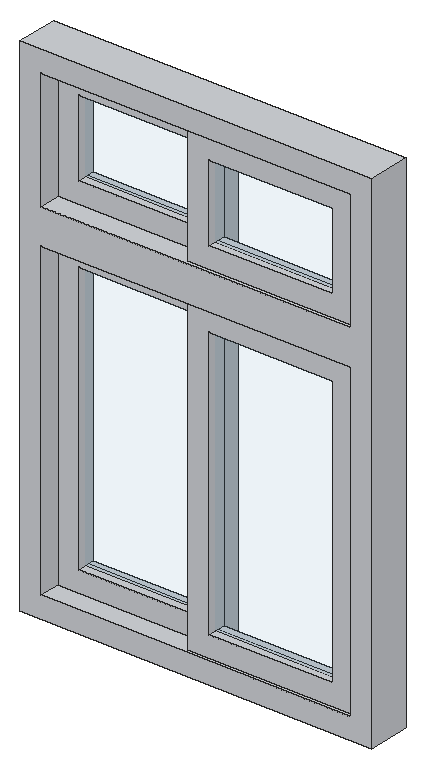
Revit family "W8_W9_W9B_W10_鋁窗1", category 窗, Revit 2014
Parameters (values of type "100 x 145 cm")
  熱阻 (R) = 0.271106 (m²·K)/W
  Visual Light Transmittance = 0.9
  Solar Heat Gain Coefficient = 0.78
  營造類型 Id = "GSP4R"
  Height = 1450 mm
  傳熱係數 (U) = 3.6886 W/(m²·K)
  預設窗台高度 = 900 mm
  關鍵註記 = "雙開窗-有氣窗"
  Rough Height = Height  # 1450 mm
  Rough Width = Width  # 1000 mm
  裝飾外框寬度 = 60 mm
  玻璃材質 = 玻璃
  牆封閉 = 依主體
  裝飾外框材料 = none
  裝飾外框厚度 = 120 mm
  Width = 1000 mm
  操作 = "垂直雙重面板"
  內部框架材料 = none
  內框寬度 = 60 mm
  內框厚度 = 50 mm
  中樘寬度 = 100 mm
  下窗高度 = 890 mm
  解析營造 = "1/8 英吋 Pilkington 單層鑲嵌玻璃"
Types (3, lengths in mm): name | 預設窗台高度 | Rough Width | Width
  100 x 145 cm | 900 | 1000 | 1000
  150 x 145 cm | 750 | 1500 | 1500
  120 x 145 cm | 750 | 1200 | 1200
Reference planes
  plane 1: y = -180
  plane 2 "中心 (左/右)": x = 0
  plane 3 "左": x = -500
  plane 4 "右": x = 500
  plane 5 "窗台": z = 900
  plane 6 "窗頂": z = 2350
  plane 7 "外部": y = -105
  plane 8 "內部": y = -255
  plane 9: x = -30
  plane 10: x = 30
  plane 11: y = -120
  plane 12: y = -240
  plane 13: x = -440
  plane 14: x = 440
  plane 15: z = 2290
  plane 16: z = 960
  plane 17: z = 1850
  plane 18: z = 1950
Forms (mm)
  Extrusion 1, solid, material <- "裝飾外框材料"
    sketch origin (0, -180, 0) x (1, 0, 0) y (0, 0, 1)
      loop
        line (-500, 2350) -> (-500, 900) -> (500, 900) -> (500, 2350) -> (-500, 2350)
      loop
        line (-440, 2290) -> (-440, 1950) -> (440, 1950) -> (440, 2290) -> (-440, 2290)
      loop
        line (-440, 960) -> (440, 960) -> (440, 1850) -> (-440, 1850) -> (-440, 960)
    from 60 to -60
Lines and regions (mm)
  Opening 1
    outline origin (3442.648, -255, 0) x (1, 0, 0) y (0, 0, 1)
      loop
        line (-2942.648, 900) -> (-2942.648, 2350) -> (-3942.648, 2350) -> (-3942.648, 900) -> (-2942.648, 900)
Text (mm)
  text "外部" at (-1963.203, 1332.353, 0), in view "參考樓層"
  text "內部" at (-1981.466, -818.386, 0), in view "參考樓層"
  text "外部" at (0, 923.751, 2943.296), in view "右"
  text "外部" at (0, 1040.484, 2685.409), in view "左"
Dimensions and locks
  equal spacing: plane 3 "左", plane 2 "中心 (左/右)", plane 4 "右"
  "Width": plane 3 "左" to plane 4 "右"
  "Height": plane 5 "窗台" to plane 6 "窗頂"
  "預設窗台高度": plane 5 "窗台" to level
  locked: plane 7 "外部" to host wall at 0
  locked: plane 8 "內部" to host wall
  equal spacing: plane 9, plane 2 "中心 (左/右)", plane 10
  "內框寬度": plane 9 to plane 10
  equal spacing: plane 11, plane 1, plane 12
  "裝飾外框厚度": plane 11 to plane 12
  "裝飾外框寬度": plane 6 "窗頂" to plane 15
  "裝飾外框寬度": plane 16 to plane 5 "窗台"
  "裝飾外框寬度": plane 3 "左" to plane 13
  "裝飾外框寬度": plane 14 to plane 4 "右"
  "中樘寬度": plane 17 to plane 18
  "下窗高度": plane 16 to plane 17
  aligned and locked: plane 1 to nested 1
  aligned and locked: plane 1 to nested 2
  aligned and locked: nested 1 to plane 10
  aligned and locked: nested 2 to plane 9
  aligned and locked: plane 1 to host wall
  aligned and locked: host wall to Extrusion 1 sketch curve
  aligned and locked: Extrusion 1 sketch curve to host wall  (x3)
  aligned and locked: Opening 1 sketch curve to plane 6 "窗頂"
  aligned and locked: Opening 1 sketch curve to plane 4 "右"
  aligned and locked: Opening 1 sketch curve to plane 5 "窗台"
  aligned and locked: Opening 1 sketch curve to plane 3 "左"
  aligned and locked: Extrusion 1 sketch curve to plane 15
  aligned and locked: plane 13 to Extrusion 1 sketch curve
  aligned and locked: Extrusion 1 sketch curve to plane 14
  aligned and locked: plane 16 to Extrusion 1 sketch curve
  aligned and locked: plane 16 to nested 2
  aligned and locked: nested 1 to plane 16
  aligned and locked: nested 1 to plane 13
  aligned and locked: plane 14 to nested 2
  aligned and locked: plane 11 to Extrusion 1
  aligned and locked: Extrusion 1 to plane 12
  aligned and locked: plane 17 to Extrusion 1 sketch curve
  aligned and locked: plane 18 to Extrusion 1 sketch curve
  aligned and locked: nested 1 to plane 17
  aligned and locked: plane 17 to nested 2
  aligned and locked: nested 3 to plane 15
  aligned and locked: plane 15 to nested 4
  aligned and locked: nested 3 to plane 18
  aligned and locked: plane 18 to nested 4
  aligned and locked: nested 3 to plane 13
  aligned and locked: plane 14 to nested 4
  aligned and locked: nested 3 to plane 10
  aligned and locked: plane 9 to nested 4
Automatic sketch dimensions
  Extrusion 1 sketch curve to plane 14 = 0 mm
  Extrusion 1 sketch curve to plane 13 = 0 mm
Nested families
  nested 1: "窗框" at (-472.428, -1099.367, -40), type "窗框"
    with Height 890 mm, Width 470 mm
  nested 2: "窗框" at (-62.428, 739.367, -40), type "窗框"
    with Height 890 mm, Width 470 mm
  nested 3: "窗框" at (-472.428, -1099.367, 950), type "窗框"
    with Height 340 mm, Width 470 mm
  nested 4: "窗框" at (-62.428, 739.367, 950), type "窗框"
    with Height 340 mm, Width 470 mm
Definition of nested family "窗框"
  Parameters (values of type "窗框")
    Height [instance] = 500 mm
    護桿寬度 = 20 mm
    護桿厚度 = 10 mm
    Analytic Construction = "<無>"
    Rough Height = 500 mm
    Rough Width = 600 mm
    Width [instance] = 600 mm
    裝飾外框材料 = none
    玻璃材質 = 玻璃
    玻璃厚度 = 10 mm
    裝飾外框寬度 = 60 mm
    裝飾外框厚度 = 50 mm
    Assembly Code = ""
  Reference planes
    plane 1 "中心 (前/後)": y = -919.367
    plane 2: z = 0
    plane 3 "中心 (左/右)": x = 267.428
    plane 4 "玻璃-上": y = -939.367
    plane 5 "玻璃-下": y = -949.367
    plane 6: y = -969.367
    plane 7: x = -32.572
    plane 8: x = 567.428
    plane 9: x = 27.428
    plane 10: x = 507.428
    plane 11: z = 1440
    plane 12: z = 1500
    plane 13: z = 1060
    plane 14: z = 1000
    plane 15: y = -944.367
  Forms (mm)
    Extrusion 1, solid, material "玻璃" <- "玻璃材質"
      sketch origin (-1499.274, -944.367, 1200) x (-1, 0, 0) y (0, 0, 1)
        loop
          line (-1526.702, 240) -> (-2006.702, 240) -> (-2006.702, -140) -> (-1526.702, -140) -> (-1526.702, 240)
      from -5 to 5
    Extrusion 2, solid, material <- "裝飾外框材料"
      sketch origin (-1499.274, -944.367, 1200) x (-1, 0, 0) y (0, 0, 1)
        loop
          line (-1466.702, 300) -> (-2066.702, 300) -> (-2066.702, -200) -> (-1466.702, -200) -> (-1466.702, 300)
        loop
          line (-1526.702, 240) -> (-2006.702, 240) -> (-2006.702, -140) -> (-1526.702, -140) -> (-1526.702, 240)
      from -25 to 25
  Dimensions and locks
    equal spacing: plane 10, plane 3 "中心 (左/右)", plane 9
    "裝飾外框寬度": plane 8 to plane 10
    "裝飾外框寬度": plane 9 to plane 7
    "裝飾外框寬度": plane 12 to plane 11
    "Width": plane 8 to plane 7
    "裝飾外框寬度": plane 13 to plane 14
    "Height": plane 12 to plane 14
    plane 14 to level = 1000 mm
    equal spacing: plane 4 "玻璃-上", plane 15, plane 5 "玻璃-下"
    "玻璃厚度": plane 4 "玻璃-上" to plane 5 "玻璃-下"
    equal spacing: plane 6, plane 15, plane 1 "中心 (前/後)"
    "裝飾外框厚度": plane 6 to plane 1 "中心 (前/後)"
    aligned and locked: Extrusion 1 sketch curve to plane 11
    aligned and locked: plane 9 to Extrusion 1 sketch curve
    aligned and locked: Extrusion 1 sketch curve to plane 10
    aligned and locked: plane 13 to Extrusion 1 sketch curve
    aligned and locked: plane 7 to Extrusion 2 sketch curve
    aligned and locked: Extrusion 2 sketch curve to plane 12
    aligned and locked: Extrusion 2 sketch curve to plane 8
    aligned and locked: plane 9 to Extrusion 2 sketch curve
    aligned and locked: plane 13 to Extrusion 2 sketch curve
    aligned and locked: Extrusion 2 sketch curve to plane 10
    aligned and locked: Extrusion 2 sketch curve to plane 11
    aligned and locked: Extrusion 2 sketch curve to plane 14
    aligned and locked: plane 2 to level
    aligned and locked: plane 6 to Extrusion 2
    aligned and locked: plane 1 "中心 (前/後)" to Extrusion 2
    aligned and locked: plane 5 "玻璃-下" to Extrusion 1
    aligned and locked: plane 4 "玻璃-上" to Extrusion 1
